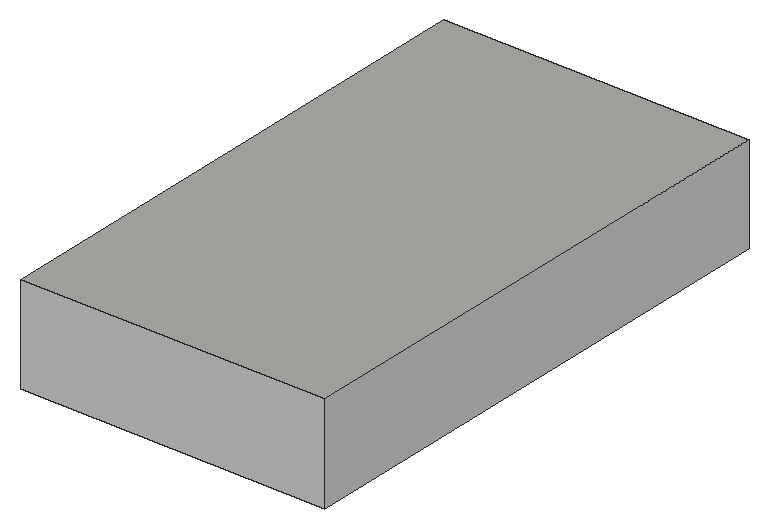
Revit family "BA-08", category Устройства связи, Revit 2016
Family settings
  Сохранять ориентацию аннотаций = Нет
  Тип детали = Нормальный
  Размер круглого соединителя = Использовать диаметр
  На основе рабочей плоскости = Да
  Всегда вертикально = Нет
  При загрузке вырезать с полостями = Нет
  Общий = Да
  Точка расчета площади = Нет
Parameters (values of type "BA-08")
  Цветовое решение = "Серебристо-серый"
  Угол обзора = "По горизонтали 78°, по вертикали 56°"  # constant formula
  Тип установки = "Врезная, накладная с BR-BA"  # constant formula
  Тип панели = "Многоквартирная"  # constant formula
  Тип клавиатуры = "Механические кнопки с подсветкой"  # constant formula
  Температурный режим = "-40 ... +65 °С"  # constant formula
  Режим разговора = "Двухсторонний"  # constant formula
  Разрешение камеры = "800 ТВл"  # constant formula
  Размер самой панели = "155х270х50 мм"  # constant formula
  Размер под установку = "150х250х60 мм"  # constant formula
  Потребление питания = "6,5 Вт, в режиме ожидания – 2,5 Вт"  # constant formula
  Питание = "+12 В"  # constant formula
  Default Elevation = 0 mm
  Открытие замка = "С монитора, по карте, из приложения BAS-IP Intercom"  # constant formula
  Описание = "Многоабонентская вызывная панель BA-08 – это прекрасный выбор для тех, кто задумался об установке вызывной панели в небольшом офисном центре до 8 офисов, многоквартирном доме, таунхаусе или же дуплексе."  # constant formula
  Ночная подсветка = "6 светодиодов"  # constant formula
  Минимальная освещенность = "0,01 LuX"  # constant formula
  Материал корпуса = Серебро
  Корпус = "Металлический"  # constant formula
  Контроль доступа = "Считыватель беcконтактных карт EM-Marin (BA-04E), Mifare (BA-04M)"  # constant formula
  Количество мелодий вызова = "4 полифонические мелодии"  # constant formula
  Кнопки быстрого вызова = "Кнопка вызова консьержа"  # constant formula
  Класс степени защиты = "IP65"  # constant formula
  Камера = "1/3”, регулировка направления камеры"  # constant formula
  Интерфейс = "WEB-интерфейс"  # constant formula
  Интеграция со СКУД = "Выход WIEGAND-26"  # constant formula
  Изображение типоразмера = <Нет>
  Изображение = SHV_Изображение_BA-08
  Изготовитель = "BAS-IP"  # constant formula
  Дополнительно = "SIP P2P, Встроенное реле"  # constant formula
  Дисплей = "Нет"  # constant formula
  Группа модели = "Вызывная панель"  # constant formula
  Выходное видео = "D1 (704х576), H.264 Main Profile, BaseLine Profile"  # constant formula
  Аутентификация = "Отдельный пароль на настройки, WEB–интерфейс"  # constant formula
  URL = "https://www.bas-ip.ru"
  Email = "support@bimlib.ru"  # constant formula
  BIM library = "https://bimlib.ru/manufacturer/"  # constant formula
  ADSK_Размер_Ширина = 270 mm  # constant formula
  ADSK_Размер_Толщина = 50 mm  # constant formula
  ADSK_Размер_Длина = 155 mm  # constant formula
  ADSK_Примечание = ""
  ADSK_Полная мощность = ADSK_Номинальная мощность / ADSK_Коэффициент мощности  # 7.22222 VA
  ADSK_Позиция = ""
  ADSK_Обозначение = ""
  ADSK_Номинальная мощность = 6.5 W  # constant formula
  ADSK_Напряжение = 12 V  # constant formula
  ADSK_Наименование краткое = ADSK_Марка  # "BA-08"
  ADSK_Наименование = "ВЫЗЫВНАЯ ПАНЕЛЬ BA-08"
  ADSK_Масса_Текст = ""
  ADSK_Марка = "BA-08"
  ADSK_Коэффициент мощности = 0.9  # constant formula
  ADSK_Количество фаз = 1
  ADSK_Код изделия = ""
  ADSK_Классификация нагрузок = Вызывная панель
  ADSK_Зона = ""
  ADSK_Завод-изготовитель = Изготовитель  # "BAS-IP"
  ADSK_Единица измерения = "шт"  # constant formula
  ADSK_Версия Revit = "Revit 2016"  # constant formula
  ADSK_URL страницы изделия = "https://www.bas-ip.ru/catalog/panels/bas-ip-ba-08-v3/"
  ADSK_URL документации изделия = "https://wiki.bas-ip.com/display/BA08v3/BA-08"
Reference planes
  plane 1 "По центру (Вперед/Назад)": y = 0
  plane 2: z = 0
  plane 3 "По центру (Влево/Вправо)": x = 0
  plane 4: x = -77.5
  plane 5: y = 135
  plane 6: x = 77.5
  plane 7: y = -135
  plane 8: z = 3
  plane 9 "Плоскость для коннекторов": z = -47
Forms (mm)
  Extrusion 1, solid, material "Серебро" <- "Материал корпуса", detail levels medium+fine
    sketch origin (0, 0, 0) x (1, 0, 0) y (0, 1, 0)
      loop
        line (-77.5, 135) -> (-77.5, -135) -> (77.5, -135) -> (77.5, 135) -> (-77.5, 135)
    from -47 to 3
Lines and regions (mm)
  model lines, detail levels coarse
    curve 1: line (-77.5, 135, 0) -> (77.5, 135, 0)
    curve 2: line (-77.5, -135, 0) -> (-77.5, 135, 0)
    curve 3: line (77.5, -135, 0) -> (-77.5, -135, 0)
    curve 4: line (77.5, 135, 0) -> (77.5, -135, 0)
Dimensions and locks
  equal spacing: plane 4, plane 3 "По центру (Влево/Вправо)", plane 6
  "ADSK_Размер_Длина": plane 4 to plane 6
  "ADSK_Размер_Ширина": plane 5 to plane 7
  equal spacing: plane 5, plane 1 "По центру (Вперед/Назад)", plane 7
  plane 8 to plane 2 = 3 mm
  plane 3 "По центру (Влево/Вправо)" to Extrusion 1 = 77.5 mm
  "ADSK_Размер_Толщина": plane 8 to plane 9 "Плоскость для коннекторов"
  aligned and locked: level to plane 2
  aligned and locked: Extrusion 1 sketch curve to plane 4
  aligned and locked: Extrusion 1 sketch curve to plane 5
  aligned and locked: Extrusion 1 sketch curve to plane 6
  aligned and locked: Extrusion 1 sketch curve to plane 7
  aligned and locked: curve 1 to Extrusion 1
  aligned and locked: curve 2 to Extrusion 1
  aligned and locked: curve 3 to Extrusion 1
  aligned and locked: curve 4 to Extrusion 1
  aligned and locked: plane 8 to Extrusion 1
  aligned and locked: Extrusion 1 to plane 9 "Плоскость для коннекторов"
Connectors
  electrical at (0, -49.5, -47)
    settings: on plane 9 "Плоскость для коннекторов", index 4, voltage 0 V, apparent load 0 VA, apparent load phase1 0 VA, apparent load phase2 0 VA, apparent load phase3 0 VA, power factor 1, load classification "Прочее", number of poles 1, system type 13, power factor state 1, is connector primary yes, connector utility no, sub classification motor no, connector description "Магнитный замок"
  electrical at (-19.5, -49.5, -47)
    settings: on plane 9 "Плоскость для коннекторов", index 5, voltage 0 V, apparent load 0 VA, apparent load phase1 0 VA, apparent load phase2 0 VA, apparent load phase3 0 VA, power factor 1, load classification "Прочее", number of poles 1, system type 5, power factor state 1, is connector primary no, connector utility no, sub classification motor no, connector description "RJ-45 Ethernet UTP Cat5e"
  electrical at (19.5, -49.5, -47), driven by "ADSK_Количество фаз", driven by "ADSK_Классификация нагрузок", driven by "ADSK_Напряжение", driven by "ADSK_Полная мощность", driven by "ADSK_Коэффициент мощности"
    settings: on plane 9 "Плоскость для коннекторов", index 6, voltage 12 V, apparent load 7.22222 VA, apparent load phase1 0 VA, apparent load phase2 0 VA, apparent load phase3 0 VA, power factor 0.9, load classification "Вызывная панель", number of poles 1, system type 30, power factor state 1, is connector primary no, connector utility no, sub classification motor no, connector description ""
